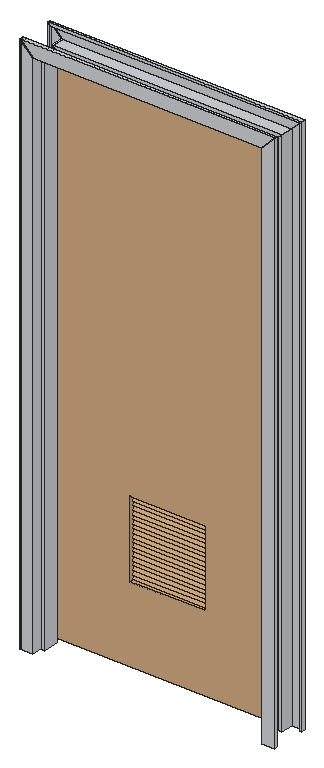
Revit family "Int-L-WDMF-36 x 84", category Doors, host Wall, Revit 2014
Parameters (values of type "Int-L-WDMF-36" 84"")
  Width = Door Panel Width  # 3' - 0"
  Wall Thickness [instance] = 0' - 4 7/8"
  URL = ""
  Type Comments = ""
  Thickness = 0' - 1 3/4"
  Swing Angle [instance] = 90.00°
  SDI RO Spacing = 0' - 0"
  SDI Panel 1 Width = Leaf Width + 0' 0 3/16"  # 3' - 0"
  SDI No Panels = ""
  SDI HW Set [instance] = ""
  SDI HW Item LO-2 [instance] = ""
  SDI HW Item LO-1 [instance] = ""
  SDI HW Item KP-2 [instance] = ""
  SDI HW Item KP-1 [instance] = ""
  SDI HW Item HI-2 [instance] = ""
  SDI HW Item HI-1 [instance] = ""
  SDI HW Item HC-2 [instance] = ""
  SDI HW Item HC-1 [instance] = ""
  SDI HW Item ED-2 [instance] = ""
  SDI HW Item ED-1 [instance] = ""
  SDI HW Item DO-2 [instance] = ""
  SDI HW Item DO-1 [instance] = ""
  SDI HW Item CL-2 [instance] = ""
  SDI HW Item CL-1 [instance] = ""
  SDI Glass Material = Glass
  SDI Frame Type = "3 Piece"
  SDI Frame Material Type = "Hollow Metal"
  SDI Frame Material = Paint - Generic - Prime
  SDI Frame Manufacturer = ""
  SDI Frame Jamb Width = 0' - 2"
  SDI Frame Head Width = 0' - 2"
  SDI Frame Finish Type = "Painted"
  SDI Frame Finish Color = "Prime"
  SDI Frame Depth [instance] = 0' - 5 7/8"
  SDI Family Version = "1.0"
  SDI Door Panel Type = "L"
  SDI Door Material Type = "Wood"
  SDI Door Material = Stain - SRO - Red Oak 100 Clear
  SDI Door Manufacturer = ""
  SDI Door Lite Size = "12 X 12\""
  SDI Door Finish Type = "SRO"
  SDI Door Finish Color = "Red Oak 100 Clear"
  SDI Door Configuration = "SG"
  SDI Arch Frame Type [instance] = ""
  SDI Arch Frame Material Type [instance] = "HM"
  SDI Arch Door Panel Type [instance] = "L"
  SDI Arch Door Material Type [instance] = "WD"
  Rough Width = Frame Width - 0' 1" + 2 * SDI RO Spacing  # 3' - 3"
  Rough Height = Frame Height - 0' 0 1/2" + SDI RO Spacing  # 7' - 1 1/2"
  R1 Height = 7' - 0"
  P1 Width = 3' - 2"
  Model = "Int-L-WDMF-36\" 84\""
  Manufacturer = ""
  Leaf Width = P1 Width - 0' 2 3/16"  # 2' - 11 13/16"
  Height = Door Panel Height  # 7' - 0"
  Function = Interior
  Frame Width = P1 Width + 0' 2"  # 3' - 4"
  Frame Offset [instance] = 0' - 0"
  Frame Height = R1 Height + 0' 2"  # 7' - 2"
  Fire Rating = ""
  Exterior Glazing [instance] = no
  Door Panel Width = P1 Width - 0' 2"  # 3' - 0"
  Door Panel Height = R1 Height + 0' 2" - (0' 2")  # 7' - 0"
  Description = "Wood Door with Hollow Metal Frame"
  Cost = 0
  Assembly Code = "C1020320"
  Analytic Construction = "<None>"
  ADA Clearance Lines = no
Reference planes (in)
  plane 1: y = 0
  plane 2 "Center (Left/Right)": x = 0
  plane 3 "Wall Edge": y = 2.4375
  plane 4 "Wall Interior": y = -2.4375
  plane 5 "ModelRefLevel": z = 0
  plane 6 "FrameDepthPlane": y = 0
  plane 7 "FrameFront": y = 2.9375
  plane 8 "FrameBack": y = -2.9375
  plane 9 "V0": x = 19
  plane 10 "V1": x = -19
  plane 11 "H0": z = 1
  plane 12 "H1": z = 85
  plane 13 "DoorLeft": x = 18
  plane 14 "DoorRight": x = -18
  plane 15 "DoorCenter": x = 0
  plane 16 "DoorTop": z = 83.875
  plane 17 "DoorCenterTB": z = 41.9375
  plane 18 "DoorExtFace": y = 2.875
  plane 19 "DoorGlassFace": y = 2.125
  plane 20 "LockCenterLine": z = 41.3125
  plane 21 "ActDoorLeft": x = 17.90625
  plane 22 "SwingClrPlane": y = 62.4375
  plane 23 "SwingPartialPlane": y = 50.4375
Forms (in)
  Extrusion 1, solid
    sketch origin (138.6875, 0, 43) x (-1, 0, 0) y (0, -1, 0)
      loop
        line (119.0625, -2.4375) -> (118.6875, -2.4375) -> (118.6875, -2.9375) -> (120.6875, -2.9375) -> (120.6875, -1) -> (121.3125, -1) -> (121.3125, 1.375) -> (120.6875, 1.375) -> (120.6875, 2.9375) -> (118.6875, 2.9375) -> (118.6875, 2.4375) -> (119.0625, 2.4375) -> (119.0625, 2.5) -> (118.75, 2.5) -> (118.75, 2.875) -> (120.625, 2.875) -> (120.625, 1.3125) -> (121.25, 1.3125) -> (121.25, -0.9375) -> (120.625, -0.9375) -> (120.625, -2.875) -> (118.75, -2.875) -> (118.75, -2.5) -> (119.0625, -2.5) -> (119.0625, -2.4375)
    from -43 to 43
  Extrusion 2, void
    sketch origin (0, 2.4375, 0) x (1, 0, 0) y (0, 0, 1)
      loop
        line (20, 86) -> (17.375, 86) -> (17.375, 83.375) -> (20, 86)
    from -12 to 12
  Extrusion 3, solid
    sketch origin (101.3125, 0, 43) x (-1, 0, 0) y (0, -1, 0)
      loop
        line (120.9375, -2.5) -> (121.25, -2.5) -> (121.25, -2.875) -> (119.375, -2.875) -> (119.375, -0.9375) -> (118.75, -0.9375) -> (118.75, 1.3125) -> (119.375, 1.3125) -> (119.375, 2.875) -> (121.25, 2.875) -> (121.25, 2.5) -> (120.9375, 2.5) -> (120.9375, 2.4375) -> (121.3125, 2.4375) -> (121.3125, 2.9375) -> (119.3125, 2.9375) -> (119.3125, 1.375) -> (118.6875, 1.375) -> (118.6875, -1) -> (119.3125, -1) -> (119.3125, -2.9375) -> (121.3125, -2.9375) -> (121.3125, -2.4375) -> (120.9375, -2.4375) -> (120.9375, -2.5)
    from -43 to 43
  Extrusion 4, void
    sketch origin (0, 2.4375, 0) x (1, 0, 0) y (0, 0, 1)
      loop
        line (-20, 86) -> (-17.375, 83.375) -> (-17.375, 86) -> (-20, 86)
    from -12 to 12
  Extrusion 5, solid
    sketch origin (0, 0, 84.6875) x (0, 1, 0) y (0, 0, 1)
      loop
        line (2.5, 0.9375) -> (2.5, 1.25) -> (2.875, 1.25) -> (2.875, -0.625) -> (0.9375, -0.625) -> (0.9375, -1.25) -> (-1.3125, -1.25) -> (-1.3125, -0.625) -> (-2.875, -0.625) -> (-2.875, 1.25) -> (-2.5, 1.25) -> (-2.5, 0.9375) -> (-2.4375, 0.9375) -> (-2.4375, 1.3125) -> (-2.9375, 1.3125) -> (-2.9375, -0.6875) -> (-1.375, -0.6875) -> (-1.375, -1.3125) -> (1, -1.3125) -> (1, -0.6875) -> (2.9375, -0.6875) -> (2.9375, 1.3125) -> (2.4375, 1.3125) -> (2.4375, 0.9375) -> (2.5, 0.9375)
    from -20 to 20
  Extrusion 6, void
    sketch origin (0, 2.4375, 0) x (1, 0, 0) y (0, 0, 1)
      loop
        line (-20, 86) -> (-20, 83.375) -> (-17.375, 83.375) -> (-20, 86)
    from -12 to 12
  Extrusion 7, void
    sketch origin (0, 2.4375, 0) x (1, 0, 0) y (0, 0, 1)
      loop
        line (20, 86) -> (17.375, 83.375) -> (20, 83.375) -> (20, 86)
    from -12 to 12
  Extrusion 8, solid, material "Stain - SRO - Red Oak 100 Clear" <- "SDI Door Material"
    sketch origin (-72, 2.875, -24) x (1, 0, 0) y (0, 0, 1)
      loop
        line (89.90625, 24.625) -> (89.90625, 107.875) -> (54.09375, 107.875) -> (54.09375, 24.625) -> (89.90625, 24.625)
      loop
        line (78, 36.625) -> (78, 48.625) -> (66, 48.625) -> (66, 36.625) -> (78, 36.625)
    from 0 to 1.75
  Extrusion 9, solid, material "Stain - SRO - Red Oak 100 Clear" <- "SDI Door Material"
    sketch origin (0, -60, -24) x (0, 1, 0) y (0, 0, 1)
      loop
        line (62.5, 36.14645) -> (62, 36.85355) -> (61.5, 36.14645) -> (61.5625, 36.14645) -> (62, 36.79105) -> (62.4375, 36.14645) -> (62.5, 36.14645)
    from -6 to 6
  Extrusion 10, solid, material "Stain - SRO - Red Oak 100 Clear" <- "SDI Door Material"
    sketch origin (0, -60, -24) x (0, 1, 0) y (0, 0, 1)
      loop
        line (62.5, 36.79645) -> (62, 37.50355) -> (61.5, 36.79645) -> (61.5625, 36.79645) -> (62, 37.44105) -> (62.4375, 36.79645) -> (62.5, 36.79645)
    from -6 to 6
  Extrusion 11, solid, material "Stain - SRO - Red Oak 100 Clear" <- "SDI Door Material"
    sketch origin (0, -60, -24) x (0, 1, 0) y (0, 0, 1)
      loop
        line (62.5, 37.44645) -> (62, 38.15355) -> (61.5, 37.44645) -> (61.5625, 37.44645) -> (62, 38.09105) -> (62.4375, 37.44645) -> (62.5, 37.44645)
    from -6 to 6
  Extrusion 12, solid, material "Stain - SRO - Red Oak 100 Clear" <- "SDI Door Material"
    sketch origin (0, -60, -24) x (0, 1, 0) y (0, 0, 1)
      loop
        line (62.5, 38.09645) -> (62, 38.80355) -> (61.5, 38.09645) -> (61.5625, 38.09645) -> (62, 38.74105) -> (62.4375, 38.09645) -> (62.5, 38.09645)
    from -6 to 6
  Extrusion 13, solid, material "Stain - SRO - Red Oak 100 Clear" <- "SDI Door Material"
    sketch origin (0, -60, -24) x (0, 1, 0) y (0, 0, 1)
      loop
        line (62.5, 38.74645) -> (62, 39.45355) -> (61.5, 38.74645) -> (61.5625, 38.74645) -> (62, 39.39105) -> (62.4375, 38.74645) -> (62.5, 38.74645)
    from -6 to 6
  Extrusion 14, solid, material "Stain - SRO - Red Oak 100 Clear" <- "SDI Door Material"
    sketch origin (0, -60, -24) x (0, 1, 0) y (0, 0, 1)
      loop
        line (62.5, 39.39645) -> (62, 40.10355) -> (61.5, 39.39645) -> (61.5625, 39.39645) -> (62, 40.04105) -> (62.4375, 39.39645) -> (62.5, 39.39645)
    from -6 to 6
  Extrusion 15, solid, material "Stain - SRO - Red Oak 100 Clear" <- "SDI Door Material"
    sketch origin (0, -60, -24) x (0, 1, 0) y (0, 0, 1)
      loop
        line (62.5, 40.04645) -> (62, 40.75355) -> (61.5, 40.04645) -> (61.5625, 40.04645) -> (62, 40.69105) -> (62.4375, 40.04645) -> (62.5, 40.04645)
    from -6 to 6
  Extrusion 16, solid, material "Stain - SRO - Red Oak 100 Clear" <- "SDI Door Material"
    sketch origin (0, -60, -24) x (0, 1, 0) y (0, 0, 1)
      loop
        line (62.5, 40.69645) -> (62, 41.40355) -> (61.5, 40.69645) -> (61.5625, 40.69645) -> (62, 41.34105) -> (62.4375, 40.69645) -> (62.5, 40.69645)
    from -6 to 6
  Extrusion 17, solid, material "Stain - SRO - Red Oak 100 Clear" <- "SDI Door Material"
    sketch origin (0, -60, -24) x (0, 1, 0) y (0, 0, 1)
      loop
        line (62.5, 41.34645) -> (62, 42.05355) -> (61.5, 41.34645) -> (61.5625, 41.34645) -> (62, 41.99105) -> (62.4375, 41.34645) -> (62.5, 41.34645)
    from -6 to 6
  Extrusion 18, solid, material "Stain - SRO - Red Oak 100 Clear" <- "SDI Door Material"
    sketch origin (0, -60, -24) x (0, 1, 0) y (0, 0, 1)
      loop
        line (62.5, 41.99645) -> (62, 42.70355) -> (61.5, 41.99645) -> (61.5625, 41.99645) -> (62, 42.64105) -> (62.4375, 41.99645) -> (62.5, 41.99645)
    from -6 to 6
  Extrusion 19, solid, material "Stain - SRO - Red Oak 100 Clear" <- "SDI Door Material"
    sketch origin (0, -60, -24) x (0, 1, 0) y (0, 0, 1)
      loop
        line (62.5, 42.64645) -> (62, 43.35355) -> (61.5, 42.64645) -> (61.5625, 42.64645) -> (62, 43.29105) -> (62.4375, 42.64645) -> (62.5, 42.64645)
    from -6 to 6
  Extrusion 20, solid, material "Stain - SRO - Red Oak 100 Clear" <- "SDI Door Material"
    sketch origin (0, -60, -24) x (0, 1, 0) y (0, 0, 1)
      loop
        line (62.5, 43.29645) -> (62, 44.00355) -> (61.5, 43.29645) -> (61.5625, 43.29645) -> (62, 43.94105) -> (62.4375, 43.29645) -> (62.5, 43.29645)
    from -6 to 6
  Extrusion 21, solid, material "Stain - SRO - Red Oak 100 Clear" <- "SDI Door Material"
    sketch origin (0, -60, -24) x (0, 1, 0) y (0, 0, 1)
      loop
        line (62.5, 43.94645) -> (62, 44.65355) -> (61.5, 43.94645) -> (61.5625, 43.94645) -> (62, 44.59105) -> (62.4375, 43.94645) -> (62.5, 43.94645)
    from -6 to 6
  Extrusion 22, solid, material "Stain - SRO - Red Oak 100 Clear" <- "SDI Door Material"
    sketch origin (0, -60, -24) x (0, 1, 0) y (0, 0, 1)
      loop
        line (62.5, 44.59645) -> (62, 45.30355) -> (61.5, 44.59645) -> (61.5625, 44.59645) -> (62, 45.24105) -> (62.4375, 44.59645) -> (62.5, 44.59645)
    from -6 to 6
  Extrusion 23, solid, material "Stain - SRO - Red Oak 100 Clear" <- "SDI Door Material"
    sketch origin (0, -60, -24) x (0, 1, 0) y (0, 0, 1)
      loop
        line (62.5, 45.24645) -> (62, 45.95355) -> (61.5, 45.24645) -> (61.5625, 45.24645) -> (62, 45.89105) -> (62.4375, 45.24645) -> (62.5, 45.24645)
    from -6 to 6
  Extrusion 24, solid, material "Stain - SRO - Red Oak 100 Clear" <- "SDI Door Material"
    sketch origin (0, -60, -24) x (0, 1, 0) y (0, 0, 1)
      loop
        line (62.5, 45.89645) -> (62, 46.60355) -> (61.5, 45.89645) -> (61.5625, 45.89645) -> (62, 46.54105) -> (62.4375, 45.89645) -> (62.5, 45.89645)
    from -6 to 6
  Extrusion 25, solid, material "Stain - SRO - Red Oak 100 Clear" <- "SDI Door Material"
    sketch origin (0, -60, -24) x (0, 1, 0) y (0, 0, 1)
      loop
        line (62.5, 46.54645) -> (62, 47.25355) -> (61.5, 46.54645) -> (61.5625, 46.54645) -> (62, 47.19105) -> (62.4375, 46.54645) -> (62.5, 46.54645)
    from -6 to 6
  Extrusion 26, solid, material "Stain - SRO - Red Oak 100 Clear" <- "SDI Door Material"
    sketch origin (0, -60, -24) x (0, 1, 0) y (0, 0, 1)
      loop
        line (62.5, 47.19645) -> (62, 47.90355) -> (61.5, 47.19645) -> (61.5625, 47.19645) -> (62, 47.84105) -> (62.4375, 47.19645) -> (62.5, 47.19645)
    from -6 to 6
  Extrusion 27, solid, material "Stain - SRO - Red Oak 100 Clear" <- "SDI Door Material"
    sketch origin (0, -60, -24) x (0, 1, 0) y (0, 0, 1)
      loop
        line (62.5, 47.84645) -> (62, 48.55355) -> (61.5, 47.84645) -> (61.5625, 47.84645) -> (62, 48.49105) -> (62.4375, 47.84645) -> (62.5, 47.84645)
    from -6 to 6
  Extrusion 28, solid, material "Stain - SRO - Red Oak 100 Clear" <- "SDI Door Material"
    sketch origin (0, -60, -24) x (0, 1, 0) y (0, 0, 1)
      loop
        line (62.5, 48.49645) -> (62, 49.20355) -> (61.5, 48.49645) -> (61.5625, 48.49645) -> (62, 49.14105) -> (62.4375, 48.49645) -> (62.5, 48.49645)
    from -6 to 6
Cuts and joins
  Extrusion 2 cuts Extrusion 1
  Extrusion 4 cuts Extrusion 3
  Extrusion 6, Extrusion 7 cuts Extrusion 5
Lines and regions (in)
  Opening 1
    outline origin (-60, -2.4375, 0) x (1, 0, 0) y (0, 0, 1)
      loop
        line (79.5, 0) -> (79.5, 85.5) -> (40.5, 85.5) -> (40.5, 0) -> (79.5, 0)
  symbolic lines, style "DoorsFrameMullionProjection", detail levels fine
    curve 1: line (19.625, 2.4375, 0) -> (20, 2.4375, 0)
    curve 2: line (20, 2.4375, 0) -> (20, 2.9375, 0)
    curve 3: line (20, 2.9375, 0) -> (18, 2.9375, 0)
    curve 4: line (18, 2.9375, 0) -> (18, 1, 0)
    curve 5: line (18, 1, 0) -> (17.375, 1, 0)
    curve 6: line (17.375, 1, 0) -> (17.375, -1.375, 0)
    curve 7: line (17.375, -1.375, 0) -> (18, -1.375, 0)
    curve 8: line (18, -1.375, 0) -> (18, -2.9375, 0)
    curve 9: line (18, -2.9375, 0) -> (20, -2.9375, 0)
    curve 10: line (20, -2.9375, 0) -> (20, -2.4375, 0)
    curve 11: line (20, -2.4375, 0) -> (19.625, -2.4375, 0)
    curve 12: line (19.625, -2.4375, 0) -> (19.625, -2.5, 0)
    curve 13: line (19.625, -2.5, 0) -> (19.9375, -2.5, 0)
    curve 14: line (19.9375, -2.5, 0) -> (19.9375, -2.875, 0)
    curve 15: line (19.9375, -2.875, 0) -> (18.0625, -2.875, 0)
    curve 16: line (18.0625, -2.875, 0) -> (18.0625, -1.3125, 0)
    curve 17: line (18.0625, -1.3125, 0) -> (17.4375, -1.3125, 0)
    curve 18: line (17.4375, -1.3125, 0) -> (17.4375, 0.9375, 0)
    curve 19: line (17.4375, 0.9375, 0) -> (18.0625, 0.9375, 0)
    curve 20: line (18.0625, 0.9375, 0) -> (18.0625, 2.875, 0)
    curve 21: line (18.0625, 2.875, 0) -> (19.9375, 2.875, 0)
    curve 22: line (19.9375, 2.875, 0) -> (19.9375, 2.5, 0)
    curve 23: line (19.9375, 2.5, 0) -> (19.625, 2.5, 0)
    curve 24: line (19.625, 2.5, 0) -> (19.625, 2.4375, 0)
    curve 37: line (-19.625, 2.5, 0) -> (-19.9375, 2.5, 0)
    curve 38: line (-19.9375, 2.5, 0) -> (-19.9375, 2.875, 0)
    curve 39: line (-19.9375, 2.875, 0) -> (-18.0625, 2.875, 0)
    curve 40: line (-18.0625, 2.875, 0) -> (-18.0625, 0.9375, 0)
    curve 41: line (-18.0625, 0.9375, 0) -> (-17.4375, 0.9375, 0)
    curve 42: line (-17.4375, 0.9375, 0) -> (-17.4375, -1.3125, 0)
    curve 43: line (-17.4375, -1.3125, 0) -> (-18.0625, -1.3125, 0)
    curve 44: line (-18.0625, -1.3125, 0) -> (-18.0625, -2.875, 0)
    curve 45: line (-18.0625, -2.875, 0) -> (-19.9375, -2.875, 0)
    curve 46: line (-19.9375, -2.875, 0) -> (-19.9375, -2.5, 0)
    curve 47: line (-19.9375, -2.5, 0) -> (-19.625, -2.5, 0)
    curve 48: line (-19.625, -2.5, 0) -> (-19.625, -2.4375, 0)
    curve 49: line (-19.625, -2.4375, 0) -> (-20, -2.4375, 0)
    curve 50: line (-20, -2.4375, 0) -> (-20, -2.9375, 0)
    curve 51: line (-20, -2.9375, 0) -> (-18, -2.9375, 0)
    curve 52: line (-18, -2.9375, 0) -> (-18, -1.375, 0)
    curve 53: line (-18, -1.375, 0) -> (-17.375, -1.375, 0)
    curve 54: line (-17.375, -1.375, 0) -> (-17.375, 1, 0)
    curve 55: line (-17.375, 1, 0) -> (-18, 1, 0)
    curve 56: line (-18, 1, 0) -> (-18, 2.9375, 0)
    curve 57: line (-18, 2.9375, 0) -> (-20, 2.9375, 0)
    curve 58: line (-20, 2.9375, 0) -> (-20, 2.4375, 0)
    curve 59: line (-20, 2.4375, 0) -> (-19.625, 2.4375, 0)
    curve 60: line (-19.625, 2.4375, 0) -> (-19.625, 2.5, 0)
  symbolic lines, style "DoorsFrameMullionProjection", detail levels coarse
    curve 25: line (18, -2.9375, 0) -> (19.5, -2.9375, 0)
    curve 26: line (18, 2.9375, 0) -> (19.5, 2.9375, 0)
    curve 27: line (18, -2.9375, 0) -> (18, 2.9375, 0)
    curve 28: line (19.5, -2.9375, 0) -> (19.5, 2.9375, 0)
    curve 61: line (-19.5, -2.9375, 0) -> (-18, -2.9375, 0)
    curve 62: line (-19.5, 2.9375, 0) -> (-18, 2.9375, 0)
    curve 63: line (-19.5, -2.9375, 0) -> (-19.5, 2.9375, 0)
    curve 64: line (-18, -2.9375, 0) -> (-18, 2.9375, 0)
  symbolic lines, style "DoorsFrameMullionProjection", detail levels medium
    curve 29: line (18, -2.9375, 0) -> (20, -2.9375, 0)
    curve 30: line (20, -2.9375, 0) -> (20, -2.4375, 0)
    curve 31: line (19.5, -2.4375, 0) -> (20, -2.4375, 0)
    curve 32: line (19.5, -2.4375, 0) -> (19.5, 2.4375, 0)
    curve 33: line (19.5, 2.4375, 0) -> (20, 2.4375, 0)
    curve 34: line (20, 2.9375, 0) -> (20, 2.4375, 0)
    curve 35: line (18, 2.9375, 0) -> (20, 2.9375, 0)
    curve 36: line (18, -2.9375, 0) -> (18, 2.9375, 0)
    curve 65: line (-20, -2.9375, 0) -> (-18, -2.9375, 0)
    curve 66: line (-20, -2.9375, 0) -> (-20, -2.4375, 0)
    curve 67: line (-20, -2.4375, 0) -> (-19.5, -2.4375, 0)
    curve 68: line (-19.5, -2.4375, 0) -> (-19.5, 2.4375, 0)
    curve 69: line (-20, 2.4375, 0) -> (-19.5, 2.4375, 0)
    curve 70: line (-20, 2.9375, 0) -> (-20, 2.4375, 0)
    curve 71: line (-20, 2.9375, 0) -> (-18, 2.9375, 0)
    curve 72: line (-18, -2.9375, 0) -> (-18, 2.9375, 0)
  symbolic lines, style "Elevation Swing"
    curve 73: line (-17.90625, 2.4375, 83.875) -> (17.90625, 2.4375, 41.9375)
    curve 74: line (-17.90625, 2.4375, 0) -> (17.90625, 2.4375, 41.9375)
  symbolic lines, style "ADA Clearance", visible <- "ADA Clearance Lines"
    curve 75: line (20, 2.4375, 0) -> (20, 62.4375, 0)
    curve 76: line (-36, 62.4375, 0) -> (20, 62.4375, 0)
    curve 77: line (-36, 50.4375, 0) -> (20, 50.4375, 0)
    curve 78: line (-36, 2.4375, 0) -> (-36, 62.4375, 0)
    curve 79: line (20, -2.4375, 0) -> (20, -50.4375, 0)
    curve 80: line (-30, -50.4375, 0) -> (20, -50.4375, 0)
    curve 81: line (-30, -2.4375, 0) -> (-30, -50.4375, 0)
Text (in)
  text "Placement Side" at (0, 40.15149, 123.01588), in view "Right"
  text "Placement Side" at (-70.3804, 28.46503, 0), in view "Ref. Level"
  text "Placement Side" at (0, 81.62555, 140.59947), in view "Left"
Dimensions and locks (in)
  locked: plane 3 "Wall Edge" to host wall
  equal spacing: host wall, plane 2 "Center (Left/Right)", host wall
  "Rough Width": host wall to host wall
  "Rough Height": level to host wall
  equal spacing: plane 3 "Wall Edge", plane 1, plane 4 "Wall Interior"
  "Wall Thickness": host wall to host wall
  locked: plane 3 "Wall Edge" to plane 7 "FrameFront" at 0.5
  locked: plane 4 "Wall Interior" to plane 8 "FrameBack" at 0.5
  "SDI Frame Depth": plane 7 "FrameFront" to plane 8 "FrameBack"
  equal spacing: plane 9 "V0", plane 2 "Center (Left/Right)", plane 10 "V1"
  "P1 Width": plane 9 "V0" to plane 10 "V1"
  "R1 Height": plane 11 "H0" to plane 12 "H1"
  locked: plane 12 "H1" to Extrusion 1 at 1
  locked: plane 11 "H0" to Extrusion 1 at 1
  locked: plane 9 "V0" to Extrusion 1 at 0.9375  (x4)
  locked: plane 9 "V0" to Extrusion 1 at 1.5625
  locked: plane 9 "V0" to Extrusion 1 at 1  (x4)
  locked: plane 9 "V0" to Extrusion 1 at 0.625  (x3)
  locked: plane 9 "V0" to Extrusion 1 at 1.625
  locked: plane 12 "H1" to Extrusion 3 at 1
  locked: plane 11 "H0" to Extrusion 3 at 1
  locked: plane 10 "V1" to Extrusion 3 at 0.625  (x2)
  locked: plane 10 "V1" to Extrusion 3 at 1  (x5)
  locked: plane 10 "V1" to Extrusion 3 at 1.625
  locked: plane 10 "V1" to Extrusion 3 at 0.9375  (x4)
  locked: plane 10 "V1" to Extrusion 3 at 1.5625
  locked: plane 9 "V0" to Extrusion 5 at 1
  locked: plane 10 "V1" to Extrusion 5 at 1
  locked: plane 12 "H1" to Extrusion 5 at 0.9375  (x5)
  locked: plane 12 "H1" to Extrusion 5 at 1.5625
  locked: plane 12 "H1" to Extrusion 5 at 1  (x4)
  locked: plane 12 "H1" to Extrusion 5 at 0.625  (x2)
  locked: plane 12 "H1" to Extrusion 5 at 1.625
  locked: plane 7 "FrameFront" to cut or joined group of Extrusion 1, Extrusion 2 at 1.9375
  locked: plane 7 "FrameFront" to cut or joined group of Extrusion 1, Extrusion 2 at 2
  locked: plane 7 "FrameFront" to cut or joined group of Extrusion 1, Extrusion 2 at 0.0625
  locked: plane 7 "FrameFront" to cut or joined group of Extrusion 1, Extrusion 2 at 0.4375
  locked: plane 7 "FrameFront" to cut or joined group of Extrusion 1, Extrusion 2 at 0.5
  locked: plane 8 "FrameBack" to cut or joined group of Extrusion 1, Extrusion 2 at 1.5625
  locked: plane 8 "FrameBack" to cut or joined group of Extrusion 1, Extrusion 2 at 0.5
  locked: plane 8 "FrameBack" to cut or joined group of Extrusion 1, Extrusion 2 at 0.4375
  locked: plane 8 "FrameBack" to cut or joined group of Extrusion 1, Extrusion 2 at 0.0625
  locked: plane 8 "FrameBack" to cut or joined group of Extrusion 1, Extrusion 2 at 1.625
  locked: plane 7 "FrameFront" to cut or joined group of Extrusion 3, Extrusion 4 at 0.0625
  locked: plane 7 "FrameFront" to cut or joined group of Extrusion 3, Extrusion 4 at 2
  locked: plane 7 "FrameFront" to cut or joined group of Extrusion 3, Extrusion 4 at 1.9375
  locked: plane 7 "FrameFront" to cut or joined group of Extrusion 3, Extrusion 4 at 0.5
  locked: plane 7 "FrameFront" to cut or joined group of Extrusion 3, Extrusion 4 at 0.4375
  locked: plane 8 "FrameBack" to cut or joined group of Extrusion 3, Extrusion 4 at 1.625
  locked: plane 8 "FrameBack" to cut or joined group of Extrusion 3, Extrusion 4 at 0.0625
  locked: plane 8 "FrameBack" to cut or joined group of Extrusion 3, Extrusion 4 at 0.4375
  locked: plane 8 "FrameBack" to cut or joined group of Extrusion 3, Extrusion 4 at 0.5
  locked: plane 8 "FrameBack" to cut or joined group of Extrusion 3, Extrusion 4 at 1.5625
  locked: plane 7 "FrameFront" to cut or joined group of Extrusion 5, Extrusion 6, Extrusion 7 at 0.0625
  locked: plane 7 "FrameFront" to cut or joined group of Extrusion 5, Extrusion 6, Extrusion 7 at 2
  locked: plane 7 "FrameFront" to cut or joined group of Extrusion 5, Extrusion 6, Extrusion 7 at 1.9375
  locked: plane 7 "FrameFront" to cut or joined group of Extrusion 5, Extrusion 6, Extrusion 7 at 0.5
  locked: plane 7 "FrameFront" to cut or joined group of Extrusion 5, Extrusion 6, Extrusion 7 at 0.4375
  locked: plane 8 "FrameBack" to cut or joined group of Extrusion 5, Extrusion 6, Extrusion 7 at 1.625
  locked: plane 8 "FrameBack" to cut or joined group of Extrusion 5, Extrusion 6, Extrusion 7 at 0.0625
  locked: plane 8 "FrameBack" to cut or joined group of Extrusion 5, Extrusion 6, Extrusion 7 at 0.4375
  locked: plane 8 "FrameBack" to cut or joined group of Extrusion 5, Extrusion 6, Extrusion 7 at 0.5
  locked: plane 8 "FrameBack" to cut or joined group of Extrusion 5, Extrusion 6, Extrusion 7 at 1.5625
  locked: plane 7 "FrameFront" to curve 1 at 0.5
  locked: plane 7 "FrameFront" to curve 5 at 1.9375
  locked: plane 7 "FrameFront" to curve 19 at 2
  locked: plane 7 "FrameFront" to curve 21 at 0.0625
  locked: plane 7 "FrameFront" to curve 23 at 0.4375
  locked: plane 7 "FrameFront" to curve 33 at 0.5
  locked: plane 7 "FrameFront" to curve 37 at 0.4375
  locked: plane 7 "FrameFront" to curve 39 at 0.0625
  locked: plane 7 "FrameFront" to curve 41 at 2
  locked: plane 7 "FrameFront" to curve 55 at 1.9375
  locked: plane 7 "FrameFront" to curve 59 at 0.5
  locked: plane 7 "FrameFront" to curve 69 at 0.5
  locked: plane 8 "FrameBack" to curve 7 at 1.5625
  locked: plane 8 "FrameBack" to curve 11 at 0.5
  locked: plane 8 "FrameBack" to curve 13 at 0.4375
  locked: plane 8 "FrameBack" to curve 15 at 0.0625
  locked: plane 8 "FrameBack" to curve 17 at 1.625
  locked: plane 8 "FrameBack" to curve 31 at 0.5
  locked: plane 8 "FrameBack" to curve 43 at 1.625
  locked: plane 8 "FrameBack" to curve 45 at 0.0625
  locked: plane 8 "FrameBack" to curve 47 at 0.4375
  locked: plane 8 "FrameBack" to curve 49 at 0.5
  locked: plane 8 "FrameBack" to curve 53 at 1.5625
  locked: plane 8 "FrameBack" to curve 67 at 0.5
  locked: plane 9 "V0" to plane 13 "DoorLeft" at 1
  locked: plane 10 "V1" to plane 14 "DoorRight" at 1
  locked: plane 12 "H1" to plane 16 "DoorTop" at 1.125
  equal spacing: plane 16 "DoorTop", plane 17 "DoorCenterTB", plane 5 "ModelRefLevel"
  locked: plane 3 "Wall Edge" to plane 18 "DoorExtFace" at 0.4375
  locked: plane 3 "Wall Edge" to plane 19 "DoorGlassFace" at 0.3125
  locked: plane 20 "LockCenterLine" to plane 5 "ModelRefLevel" at 41.3125
  locked: Extrusion 8 to Extrusion 8 at 1.75
  locked: plane 13 "DoorLeft" to Extrusion 8 at 0.09375
  locked: plane 15 "DoorCenter" to Extrusion 8 at 6  (x2)
  locked: plane 14 "DoorRight" to Extrusion 8 at 0.09375
  locked: plane 16 "DoorTop" to Extrusion 8 at 0
  locked: plane 5 "ModelRefLevel" to Extrusion 8 at 12.625
  locked: plane 5 "ModelRefLevel" to Extrusion 8 at 0.625
  locked: plane 20 "LockCenterLine" to Extrusion 8 at 16.6875
  locked: plane 15 "DoorCenter" to Extrusion 9 at 6  (x2)
  locked: plane 5 "ModelRefLevel" to Extrusion 9 at 12.14645  (x2)
  locked: plane 15 "DoorCenter" to Extrusion 10 at 6  (x2)
  locked: plane 5 "ModelRefLevel" to Extrusion 10 at 12.79645  (x2)
  locked: plane 15 "DoorCenter" to Extrusion 11 at 6  (x2)
  locked: plane 5 "ModelRefLevel" to Extrusion 11 at 13.44645  (x2)
  locked: plane 15 "DoorCenter" to Extrusion 12 at 6  (x2)
  locked: plane 5 "ModelRefLevel" to Extrusion 12 at 14.09645  (x2)
  locked: plane 15 "DoorCenter" to Extrusion 13 at 6  (x2)
  locked: plane 5 "ModelRefLevel" to Extrusion 13 at 14.74645  (x2)
  locked: plane 15 "DoorCenter" to Extrusion 14 at 6  (x2)
  locked: plane 5 "ModelRefLevel" to Extrusion 14 at 15.39645  (x2)
  locked: plane 15 "DoorCenter" to Extrusion 15 at 6  (x2)
  locked: plane 5 "ModelRefLevel" to Extrusion 15 at 16.04645  (x2)
  locked: plane 15 "DoorCenter" to Extrusion 16 at 6  (x2)
  locked: plane 5 "ModelRefLevel" to Extrusion 16 at 16.69645  (x2)
  locked: plane 15 "DoorCenter" to Extrusion 17 at 6  (x2)
  locked: plane 5 "ModelRefLevel" to Extrusion 17 at 17.34645  (x2)
  locked: plane 15 "DoorCenter" to Extrusion 18 at 6  (x2)
  locked: plane 5 "ModelRefLevel" to Extrusion 18 at 17.99645  (x2)
  locked: plane 15 "DoorCenter" to Extrusion 19 at 6  (x2)
  locked: plane 5 "ModelRefLevel" to Extrusion 19 at 18.64645  (x2)
  locked: plane 15 "DoorCenter" to Extrusion 20 at 6  (x2)
  locked: plane 5 "ModelRefLevel" to Extrusion 20 at 19.29645  (x2)
  locked: plane 15 "DoorCenter" to Extrusion 21 at 6  (x2)
  locked: plane 5 "ModelRefLevel" to Extrusion 21 at 19.94645  (x2)
  locked: plane 15 "DoorCenter" to Extrusion 22 at 6  (x2)
  locked: plane 5 "ModelRefLevel" to Extrusion 22 at 20.59645  (x2)
  locked: plane 15 "DoorCenter" to Extrusion 23 at 6  (x2)
  locked: plane 20 "LockCenterLine" to Extrusion 23 at 20.06605  (x2)
  locked: plane 15 "DoorCenter" to Extrusion 24 at 6  (x2)
  locked: plane 20 "LockCenterLine" to Extrusion 24 at 19.41605  (x2)
  locked: plane 15 "DoorCenter" to Extrusion 25 at 6  (x2)
  locked: plane 20 "LockCenterLine" to Extrusion 25 at 18.76605  (x2)
  locked: plane 15 "DoorCenter" to Extrusion 26 at 6  (x2)
  locked: plane 20 "LockCenterLine" to Extrusion 26 at 18.11605  (x2)
  locked: plane 15 "DoorCenter" to Extrusion 27 at 6  (x2)
  locked: plane 20 "LockCenterLine" to Extrusion 27 at 17.46605  (x2)
  locked: plane 15 "DoorCenter" to Extrusion 28 at 6  (x2)
  locked: plane 20 "LockCenterLine" to Extrusion 28 at 16.81605  (x2)
  locked: plane 13 "DoorLeft" to plane 21 "ActDoorLeft" at 0.09375
  locked: plane 3 "Wall Edge" to plane 22 "SwingClrPlane" at 60
  locked: plane 3 "Wall Edge" to plane 23 "SwingPartialPlane" at 48
  aligned and locked: plane 4 "Wall Interior" to host wall
  aligned and locked: cut or joined group of Extrusion 1, Extrusion 2 to plane 7 "FrameFront"
  aligned and locked: plane 8 "FrameBack" to cut or joined group of Extrusion 1, Extrusion 2
  aligned and locked: cut or joined group of Extrusion 3, Extrusion 4 to plane 7 "FrameFront"
  aligned and locked: plane 8 "FrameBack" to cut or joined group of Extrusion 3, Extrusion 4
  aligned and locked: cut or joined group of Extrusion 5, Extrusion 6, Extrusion 7 to plane 7 "FrameFront"
  aligned and locked: plane 8 "FrameBack" to cut or joined group of Extrusion 5, Extrusion 6, Extrusion 7
  aligned and locked: curve 3 to plane 7 "FrameFront"
  aligned and locked: plane 7 "FrameFront" to curve 26
  aligned and locked: curve 57 to plane 7 "FrameFront"
  aligned and locked: plane 7 "FrameFront" to curve 62
  aligned and locked: plane 7 "FrameFront" to curve 71
  aligned and locked: plane 8 "FrameBack" to curve 9
  aligned and locked: plane 8 "FrameBack" to curve 61
  aligned and locked: plane 8 "FrameBack" to curve 65
  aligned and locked: Extrusion 8 to plane 18 "DoorExtFace"
  aligned and locked: plane 7 "FrameFront" to nested 1
  aligned and locked: plane 21 "ActDoorLeft" to nested 1
  aligned and locked: plane 22 "SwingClrPlane" to curve 76
  aligned and locked: plane 23 "SwingPartialPlane" to curve 77
Automatic sketch dimensions
  Opening 1 sketch curve to level = 0' - 0"
  Opening 1 sketch curve to plane 2 "Center (Left/Right)" = 1' - 7 1/2"
  plane 2 "Center (Left/Right)" to Opening 1 sketch curve = 1' - 7 1/2"
  level to Opening 1 sketch curve = 7' - 1 1/2"
  Extrusion 2 sketch curve to plane 9 "V0" = 0' - 1 5/8"
  plane 9 "V0" to Extrusion 2 sketch curve = 0' - 1"
  plane 12 "H1" to Extrusion 2 sketch curve = 0' - 1 5/8"
  Extrusion 2 sketch curve to plane 12 "H1" = 0' - 1"
  host wall to Extrusion 1 sketch curve = 0' - 0"
  Extrusion 1 sketch curve to host wall = 0' - 0"
  plane 7 "FrameFront" to Extrusion 1 sketch curve = 0' - 0"
  plane 8 "FrameBack" to Extrusion 1 sketch curve = 0' - 0"
  plane 2 "Center (Left/Right)" to Extrusion 1 sketch curve = 1' - 8"  (x2)
  Extrusion 1 sketch curve to Extrusion 1 sketch curve = 0' - 0 1/16"  (x7)
  host wall to Extrusion 1 sketch curve = 0' - 0 1/16"  (x2)
  Extrusion 1 sketch curve to Extrusion 1 sketch curve = 0' - 0 5/16"  (x2)
  plane 2 "Center (Left/Right)" to Extrusion 1 sketch curve = 1' - 6 1/16"  (x2)
  Extrusion 1 sketch curve to Extrusion 1 sketch curve = 0' - 0 9/16"
  plane 7 "FrameFront" to Extrusion 1 sketch curve = 0' - 0 1/16"
  Extrusion 1 sketch curve to host wall = 0' - 1"
  Extrusion 1 sketch curve to host wall = 0' - 1 1/8"
  Extrusion 1 sketch curve to plane 8 "FrameBack" = 0' - 0 1/16"
  plane 9 "V0" to curve 1 = 0' - 1"
  curve 1 to curve 1 = 0' - 0 3/8"
  curve 3 to plane 9 "V0" = 0' - 1"
  curve 4 to curve 5 = 0' - 0 5/8"
  curve 10 to curve 11 = 0' - 0 3/8"
  curve 10 to curve 13 = 0' - 0 1/16"
  curve 15 to curve 8 = 0' - 0 1/16"
  curve 17 to curve 6 = 0' - 0 1/16"
  curve 19 to curve 4 = 0' - 0 1/16"
  curve 2 to curve 21 = 0' - 0 1/16"
  curve 21 to curve 26 = 0' - 0 7/16"
  curve 11 to curve 31 = 0' - 0 1/8"
  curve 1 to curve 32 = 0' - 0 1/8"
  Extrusion 4 sketch curve to plane 10 "V1" = 0' - 1"
  plane 10 "V1" to Extrusion 4 sketch curve = 0' - 1 5/8"
  plane 12 "H1" to Extrusion 4 sketch curve = 0' - 1 5/8"
  Extrusion 4 sketch curve to plane 12 "H1" = 0' - 1"
  plane 8 "FrameBack" to Extrusion 3 sketch curve = 0' - 0"
  plane 7 "FrameFront" to Extrusion 3 sketch curve = 0' - 0"
  host wall to Extrusion 3 sketch curve = 0' - 0"
  Extrusion 3 sketch curve to host wall = 0' - 0"
  Extrusion 3 sketch curve to plane 2 "Center (Left/Right)" = 1' - 5 3/8"
  Extrusion 3 sketch curve to Extrusion 3 sketch curve = 0' - 0 1/16"  (x7)
  Extrusion 3 sketch curve to plane 2 "Center (Left/Right)" = 1' - 6"  (x2)
  Extrusion 3 sketch curve to plane 2 "Center (Left/Right)" = 1' - 7 5/8"  (x2)
  host wall to Extrusion 3 sketch curve = 0' - 0 1/16"  (x2)
  Extrusion 3 sketch curve to Extrusion 3 sketch curve = 0' - 0 5/16"  (x2)
  plane 7 "FrameFront" to Extrusion 3 sketch curve = 0' - 0 1/16"
  Extrusion 3 sketch curve to host wall = 0' - 1"
  Extrusion 3 sketch curve to host wall = 0' - 1 1/8"
  Extrusion 3 sketch curve to plane 8 "FrameBack" = 0' - 0 1/16"
  curve 37 to plane 10 "V1" = 0' - 0 5/8"
  curve 37 to curve 37 = 0' - 0 5/16"
  plane 10 "V1" to curve 39 = 0' - 0 15/16"
  curve 42 to curve 43 = 0' - 0 5/8"
  curve 47 to curve 46 = 0' - 0 5/16"
  curve 46 to curve 49 = 0' - 0 1/16"
  curve 51 to curve 44 = 0' - 0 1/16"
  curve 53 to curve 42 = 0' - 0 1/16"
  curve 55 to curve 40 = 0' - 0 1/16"
  curve 38 to curve 57 = 0' - 0 1/16"
  curve 62 to curve 38 = 0' - 0 7/16"
  curve 67 to curve 48 = 0' - 0 1/8"
  curve 68 to curve 59 = 0' - 0 1/8"
  Extrusion 6 sketch curve to plane 10 "V1" = 0' - 1"
  plane 10 "V1" to Extrusion 6 sketch curve = 0' - 1 5/8"
  plane 12 "H1" to Extrusion 6 sketch curve = 0' - 1 5/8"
  Extrusion 6 sketch curve to plane 12 "H1" = 0' - 1"
  Extrusion 7 sketch curve to plane 9 "V0" = 0' - 1 5/8"
  plane 9 "V0" to Extrusion 7 sketch curve = 0' - 1"
  plane 12 "H1" to Extrusion 7 sketch curve = 0' - 1 5/8"
  Extrusion 7 sketch curve to plane 12 "H1" = 0' - 1"
  Extrusion 5 sketch curve to plane 8 "FrameBack" = 0' - 0"
  Extrusion 5 sketch curve to host wall = 0' - 0"  (x2)
  Extrusion 5 sketch curve to plane 7 "FrameFront" = 0' - 0"
  Extrusion 5 sketch curve to plane 8 "FrameBack" = 0' - 0 1/16"
  host wall to Extrusion 5 sketch curve = 0' - 0 1/16"  (x2)
  Extrusion 5 sketch curve to host wall = 0' - 1 1/16"
  Extrusion 5 sketch curve to Extrusion 5 sketch curve = 0' - 0 1/16"  (x7)
  Extrusion 5 sketch curve to host wall = 0' - 0 15/16"
  plane 7 "FrameFront" to Extrusion 5 sketch curve = 0' - 0 1/16"
  level to Extrusion 5 sketch curve = 6' - 11 3/8"
  level to Extrusion 5 sketch curve = 7' - 0"  (x2)
  Extrusion 5 sketch curve to plane 11 "H0" = 7' - 0 5/8"  (x2)
  Extrusion 5 sketch curve to plane 11 "H0" = 7' - 0 15/16"  (x2)
  Extrusion 8 sketch curve to plane 16 "DoorTop" = 0' - 0"
  plane 14 "DoorRight" to Extrusion 8 sketch curve = 0' - 0 3/32"
  Extrusion 8 sketch curve to plane 2 "Center (Left/Right)" = 0' - 6"
  plane 2 "Center (Left/Right)" to Extrusion 8 sketch curve = 0' - 6"
  Extrusion 8 sketch curve to plane 13 "DoorLeft" = 0' - 0 3/32"
  Extrusion 8 sketch curve to plane 20 "LockCenterLine" = 1' - 4 11/16"
  Extrusion 8 sketch curve to plane 11 "H0" = 0' - 11 5/8"
  plane 11 "H0" to Extrusion 8 sketch curve = 0' - 0 3/8"
  Extrusion 9 sketch curve to host wall = 0' - 0"
  plane 19 "DoorGlassFace" to Extrusion 9 sketch curve = 0' - 0 1/8"
  Extrusion 9 sketch curve to Extrusion 9 sketch curve = 0' - 0"  (x2)
  plane 19 "DoorGlassFace" to Extrusion 9 sketch curve = 0' - 0 9/16"
  Extrusion 9 sketch curve to Extrusion 9 sketch curve = 0' - 0 1/16"  (x2)
  host wall to Extrusion 9 sketch curve = 0' - 0 1/16"
  Extrusion 9 sketch curve to plane 11 "H0" = 0' - 11.14645"
  Extrusion 9 sketch curve to Extrusion 9 sketch curve = 0' - 0.64461"
  Extrusion 10 sketch curve to host wall = 0' - 0"
  plane 19 "DoorGlassFace" to Extrusion 10 sketch curve = 0' - 0 1/8"
  Extrusion 10 sketch curve to Extrusion 10 sketch curve = 0' - 0"  (x2)
  plane 19 "DoorGlassFace" to Extrusion 10 sketch curve = 0' - 0 9/16"
  Extrusion 10 sketch curve to Extrusion 10 sketch curve = 0' - 0 1/16"  (x2)
  host wall to Extrusion 10 sketch curve = 0' - 0 1/16"
  Extrusion 10 sketch curve to plane 11 "H0" = 0' - 11.79645"
  Extrusion 10 sketch curve to Extrusion 10 sketch curve = 0' - 0.64461"
  Extrusion 11 sketch curve to host wall = 0' - 0"
  plane 19 "DoorGlassFace" to Extrusion 11 sketch curve = 0' - 0 1/8"
  Extrusion 11 sketch curve to Extrusion 11 sketch curve = 0' - 0"  (x2)
  plane 19 "DoorGlassFace" to Extrusion 11 sketch curve = 0' - 0 9/16"
  Extrusion 11 sketch curve to Extrusion 11 sketch curve = 0' - 0 1/16"  (x2)
  host wall to Extrusion 11 sketch curve = 0' - 0 1/16"
  Extrusion 11 sketch curve to plane 11 "H0" = 1' - 0.44645"
  Extrusion 11 sketch curve to Extrusion 11 sketch curve = 0' - 0.64461"
  Extrusion 12 sketch curve to host wall = 0' - 0"
  plane 19 "DoorGlassFace" to Extrusion 12 sketch curve = 0' - 0 1/8"
  Extrusion 12 sketch curve to Extrusion 12 sketch curve = 0' - 0"  (x2)
  plane 19 "DoorGlassFace" to Extrusion 12 sketch curve = 0' - 0 9/16"
  Extrusion 12 sketch curve to Extrusion 12 sketch curve = 0' - 0 1/16"  (x2)
  host wall to Extrusion 12 sketch curve = 0' - 0 1/16"
  Extrusion 12 sketch curve to plane 11 "H0" = 1' - 1.09645"
  Extrusion 12 sketch curve to Extrusion 12 sketch curve = 0' - 0.64461"
  Extrusion 13 sketch curve to host wall = 0' - 0"
  plane 19 "DoorGlassFace" to Extrusion 13 sketch curve = 0' - 0 1/8"
  Extrusion 13 sketch curve to Extrusion 13 sketch curve = 0' - 0"  (x2)
  plane 19 "DoorGlassFace" to Extrusion 13 sketch curve = 0' - 0 9/16"
  Extrusion 13 sketch curve to Extrusion 13 sketch curve = 0' - 0 1/16"  (x2)
  host wall to Extrusion 13 sketch curve = 0' - 0 1/16"
  Extrusion 13 sketch curve to plane 11 "H0" = 1' - 1.74645"
  Extrusion 13 sketch curve to Extrusion 13 sketch curve = 0' - 0.64461"
  Extrusion 14 sketch curve to host wall = 0' - 0"
  plane 19 "DoorGlassFace" to Extrusion 14 sketch curve = 0' - 0 1/8"
  Extrusion 14 sketch curve to Extrusion 14 sketch curve = 0' - 0"  (x2)
  plane 19 "DoorGlassFace" to Extrusion 14 sketch curve = 0' - 0 9/16"
  Extrusion 14 sketch curve to Extrusion 14 sketch curve = 0' - 0 1/16"  (x2)
  host wall to Extrusion 14 sketch curve = 0' - 0 1/16"
  Extrusion 14 sketch curve to plane 11 "H0" = 1' - 2.39645"
  Extrusion 14 sketch curve to Extrusion 14 sketch curve = 0' - 0.64461"
  Extrusion 15 sketch curve to host wall = 0' - 0"
  plane 19 "DoorGlassFace" to Extrusion 15 sketch curve = 0' - 0 1/8"
  Extrusion 15 sketch curve to Extrusion 15 sketch curve = 0' - 0"  (x2)
  plane 19 "DoorGlassFace" to Extrusion 15 sketch curve = 0' - 0 9/16"
  Extrusion 15 sketch curve to Extrusion 15 sketch curve = 0' - 0 1/16"  (x2)
  host wall to Extrusion 15 sketch curve = 0' - 0 1/16"
  Extrusion 15 sketch curve to plane 11 "H0" = 1' - 3.04645"
  Extrusion 15 sketch curve to Extrusion 15 sketch curve = 0' - 0.64461"
  Extrusion 16 sketch curve to host wall = 0' - 0"
  plane 19 "DoorGlassFace" to Extrusion 16 sketch curve = 0' - 0 1/8"
  Extrusion 16 sketch curve to Extrusion 16 sketch curve = 0' - 0"  (x2)
  plane 19 "DoorGlassFace" to Extrusion 16 sketch curve = 0' - 0 9/16"
  Extrusion 16 sketch curve to Extrusion 16 sketch curve = 0' - 0 1/16"  (x2)
  host wall to Extrusion 16 sketch curve = 0' - 0 1/16"
  Extrusion 16 sketch curve to plane 11 "H0" = 1' - 3.69645"
  Extrusion 16 sketch curve to Extrusion 16 sketch curve = 0' - 0.64461"
  Extrusion 17 sketch curve to host wall = 0' - 0"
  plane 19 "DoorGlassFace" to Extrusion 17 sketch curve = 0' - 0 1/8"
  Extrusion 17 sketch curve to Extrusion 17 sketch curve = 0' - 0"  (x2)
  plane 19 "DoorGlassFace" to Extrusion 17 sketch curve = 0' - 0 9/16"
  Extrusion 17 sketch curve to Extrusion 17 sketch curve = 0' - 0 1/16"  (x2)
  host wall to Extrusion 17 sketch curve = 0' - 0 1/16"
  Extrusion 17 sketch curve to plane 11 "H0" = 1' - 4.34645"
  Extrusion 17 sketch curve to Extrusion 17 sketch curve = 0' - 0.64461"
  Extrusion 18 sketch curve to host wall = 0' - 0"
  plane 19 "DoorGlassFace" to Extrusion 18 sketch curve = 0' - 0 1/8"
  Extrusion 18 sketch curve to Extrusion 18 sketch curve = 0' - 0"  (x2)
  plane 19 "DoorGlassFace" to Extrusion 18 sketch curve = 0' - 0 9/16"
  Extrusion 18 sketch curve to Extrusion 18 sketch curve = 0' - 0 1/16"  (x2)
  host wall to Extrusion 18 sketch curve = 0' - 0 1/16"
  Extrusion 18 sketch curve to plane 11 "H0" = 1' - 4.99645"
  Extrusion 18 sketch curve to Extrusion 18 sketch curve = 0' - 0.64461"
  Extrusion 19 sketch curve to host wall = 0' - 0"
  plane 19 "DoorGlassFace" to Extrusion 19 sketch curve = 0' - 0 1/8"
  Extrusion 19 sketch curve to Extrusion 19 sketch curve = 0' - 0"  (x2)
  plane 19 "DoorGlassFace" to Extrusion 19 sketch curve = 0' - 0 9/16"
  Extrusion 19 sketch curve to Extrusion 19 sketch curve = 0' - 0 1/16"  (x2)
  host wall to Extrusion 19 sketch curve = 0' - 0 1/16"
  Extrusion 19 sketch curve to plane 11 "H0" = 1' - 5.64645"
  Extrusion 19 sketch curve to Extrusion 19 sketch curve = 0' - 0.64461"
  Extrusion 20 sketch curve to host wall = 0' - 0"
  plane 19 "DoorGlassFace" to Extrusion 20 sketch curve = 0' - 0 1/8"
  Extrusion 20 sketch curve to Extrusion 20 sketch curve = 0' - 0"  (x2)
  plane 19 "DoorGlassFace" to Extrusion 20 sketch curve = 0' - 0 9/16"
  Extrusion 20 sketch curve to Extrusion 20 sketch curve = 0' - 0 1/16"  (x2)
  host wall to Extrusion 20 sketch curve = 0' - 0 1/16"
  Extrusion 20 sketch curve to plane 11 "H0" = 1' - 6.29645"
  Extrusion 20 sketch curve to Extrusion 20 sketch curve = 0' - 0.64461"
  Extrusion 21 sketch curve to host wall = 0' - 0"
  plane 19 "DoorGlassFace" to Extrusion 21 sketch curve = 0' - 0 1/8"
  Extrusion 21 sketch curve to Extrusion 21 sketch curve = 0' - 0"  (x2)
  plane 19 "DoorGlassFace" to Extrusion 21 sketch curve = 0' - 0 9/16"
  Extrusion 21 sketch curve to Extrusion 21 sketch curve = 0' - 0 1/16"  (x2)
  host wall to Extrusion 21 sketch curve = 0' - 0 1/16"
  Extrusion 21 sketch curve to plane 11 "H0" = 1' - 6.94645"
  Extrusion 21 sketch curve to Extrusion 21 sketch curve = 0' - 0.64461"
  Extrusion 22 sketch curve to host wall = 0' - 0"
  plane 19 "DoorGlassFace" to Extrusion 22 sketch curve = 0' - 0 1/8"
  Extrusion 22 sketch curve to Extrusion 22 sketch curve = 0' - 0"  (x2)
  plane 19 "DoorGlassFace" to Extrusion 22 sketch curve = 0' - 0 9/16"
  Extrusion 22 sketch curve to Extrusion 22 sketch curve = 0' - 0 1/16"  (x2)
  host wall to Extrusion 22 sketch curve = 0' - 0 1/16"
  Extrusion 22 sketch curve to plane 11 "H0" = 1' - 7.59645"
  Extrusion 22 sketch curve to Extrusion 22 sketch curve = 0' - 0.64461"
  Extrusion 23 sketch curve to host wall = 0' - 0"
  plane 19 "DoorGlassFace" to Extrusion 23 sketch curve = 0' - 0 1/8"
  Extrusion 23 sketch curve to Extrusion 23 sketch curve = 0' - 0"  (x2)
  plane 19 "DoorGlassFace" to Extrusion 23 sketch curve = 0' - 0 9/16"
  Extrusion 23 sketch curve to Extrusion 23 sketch curve = 0' - 0 1/16"  (x2)
  host wall to Extrusion 23 sketch curve = 0' - 0 1/16"
  Extrusion 23 sketch curve to plane 20 "LockCenterLine" = 1' - 8.06605"
  Extrusion 23 sketch curve to Extrusion 23 sketch curve = 0' - 0.64461"
  Extrusion 24 sketch curve to host wall = 0' - 0"
  plane 19 "DoorGlassFace" to Extrusion 24 sketch curve = 0' - 0 1/8"
  Extrusion 24 sketch curve to Extrusion 24 sketch curve = 0' - 0"  (x2)
  plane 19 "DoorGlassFace" to Extrusion 24 sketch curve = 0' - 0 9/16"
  Extrusion 24 sketch curve to Extrusion 24 sketch curve = 0' - 0 1/16"  (x2)
  host wall to Extrusion 24 sketch curve = 0' - 0 1/16"
  Extrusion 24 sketch curve to plane 20 "LockCenterLine" = 1' - 7.41605"
  Extrusion 24 sketch curve to Extrusion 24 sketch curve = 0' - 0.64461"
  Extrusion 25 sketch curve to host wall = 0' - 0"
  plane 19 "DoorGlassFace" to Extrusion 25 sketch curve = 0' - 0 1/8"
  Extrusion 25 sketch curve to Extrusion 25 sketch curve = 0' - 0"  (x2)
  plane 19 "DoorGlassFace" to Extrusion 25 sketch curve = 0' - 0 9/16"
  Extrusion 25 sketch curve to Extrusion 25 sketch curve = 0' - 0 1/16"  (x2)
  host wall to Extrusion 25 sketch curve = 0' - 0 1/16"
  Extrusion 25 sketch curve to plane 20 "LockCenterLine" = 1' - 6.76605"
  Extrusion 25 sketch curve to Extrusion 25 sketch curve = 0' - 0.64461"
  Extrusion 26 sketch curve to host wall = 0' - 0"
  plane 19 "DoorGlassFace" to Extrusion 26 sketch curve = 0' - 0 1/8"
  Extrusion 26 sketch curve to Extrusion 26 sketch curve = 0' - 0"  (x2)
  plane 19 "DoorGlassFace" to Extrusion 26 sketch curve = 0' - 0 9/16"
  Extrusion 26 sketch curve to Extrusion 26 sketch curve = 0' - 0 1/16"  (x2)
  host wall to Extrusion 26 sketch curve = 0' - 0 1/16"
  Extrusion 26 sketch curve to plane 20 "LockCenterLine" = 1' - 6.11605"
  Extrusion 26 sketch curve to Extrusion 26 sketch curve = 0' - 0.64461"
  Extrusion 27 sketch curve to host wall = 0' - 0"
  plane 19 "DoorGlassFace" to Extrusion 27 sketch curve = 0' - 0 1/8"
  Extrusion 27 sketch curve to Extrusion 27 sketch curve = 0' - 0"  (x2)
  plane 19 "DoorGlassFace" to Extrusion 27 sketch curve = 0' - 0 9/16"
  Extrusion 27 sketch curve to Extrusion 27 sketch curve = 0' - 0 1/16"  (x2)
  host wall to Extrusion 27 sketch curve = 0' - 0 1/16"
  Extrusion 27 sketch curve to plane 20 "LockCenterLine" = 1' - 5.46605"
  Extrusion 27 sketch curve to Extrusion 27 sketch curve = 0' - 0.64461"
  Extrusion 28 sketch curve to host wall = 0' - 0"
  plane 19 "DoorGlassFace" to Extrusion 28 sketch curve = 0' - 0 1/8"
  Extrusion 28 sketch curve to Extrusion 28 sketch curve = 0' - 0"  (x2)
  plane 19 "DoorGlassFace" to Extrusion 28 sketch curve = 0' - 0 9/16"
  Extrusion 28 sketch curve to Extrusion 28 sketch curve = 0' - 0 1/16"  (x2)
  host wall to Extrusion 28 sketch curve = 0' - 0 1/16"
  Extrusion 28 sketch curve to plane 20 "LockCenterLine" = 1' - 4.81605"
  Extrusion 28 sketch curve to Extrusion 28 sketch curve = 0' - 0.64461"
  curve 73 to plane 16 "DoorTop" = 0' - 0"
  curve 73 to plane 17 "DoorCenterTB" = 0' - 0"
  plane 14 "DoorRight" to curve 73 = 0' - 0 3/32"
  curve 74 to level = 0' - 0"
  curve 74 to plane 21 "ActDoorLeft" = 0' - 0"
  plane 14 "DoorRight" to curve 74 = 0' - 0 3/32"
  curve 75 to host wall = 0' - 0"
  plane 9 "V0" to curve 75 = 0' - 1"
  curve 78 to host wall = 0' - 0"
  host wall to curve 79 = 0' - 0"
  plane 9 "V0" to curve 79 = 0' - 1"
  plane 8 "FrameBack" to curve 79 = 3' - 11 1/2"
  curve 80 to plane 10 "V1" = 0' - 11"
  host wall to curve 81 = 0' - 0"
  curve 81 to curve 78 = 0' - 6"
Nested families (in)
  nested 1: "SingleDoorPlanLines" at (17.90625, 2.9375, 0.625), type "SingleDoorPlanLines"
Definition of nested family "SingleDoorPlanLines"
  Parameters (values of type "SingleDoorPlanLines")
    Width = 3' - 0"
    URL = ""
    Thickness = 0' - 1 3/4"
    Analytic Construction = "<None>"
    Swing Angle = 90.00°
  Reference planes (in)
    plane 1 "Front": y = 0
    plane 2: z = 0
    plane 3 "Right": x = 0
    plane 4 "Left": x = -36
  Lines and regions (in)
    symbolic lines, style "DoorsPanelProjection"
      curve 1: line (0, 0, 0) -> (0, 36, 0)
      curve 2: line (0, 36, 0) -> (-1.75, 36, 0)
      curve 3: line (-1.75, 36, 0) -> (-1.75, 0, 0)
      curve 4: line (-1.75, 0, 0) -> (0, 0, 0)
    model lines, style "InvisibleLines", not visible
      curve 5: line (0, 0, 0) -> (-38.99851, -0.34033, 0)
    symbolic lines, style "Plan Swing"
      curve 6: arc (-35.99863, -0.31416, 0) -> (-25.56667, 25.34453, 0) -> (0, 36, 0) r 36
  Dimensions and locks (in)
    "Thickness": curve 3 to curve 1
    "Width": curve 2 to curve 4
    "Width": plane 4 "Left" to plane 3 "Right"
    "Swing Angle": angle curve 1 to plane 1 "Front"
    locked: plane 1 "Front" to curve 5 (angle 0.50°)
  Automatic sketch dimensions
    curve 6 to plane 1 "Front" = 0' - 0"
    curve 6 to plane 3 "Right" = 0' - 0"
    curve 4 to plane 1 "Front" = 0' - 0"
    curve 4 to plane 3 "Right" = 0' - 0"
